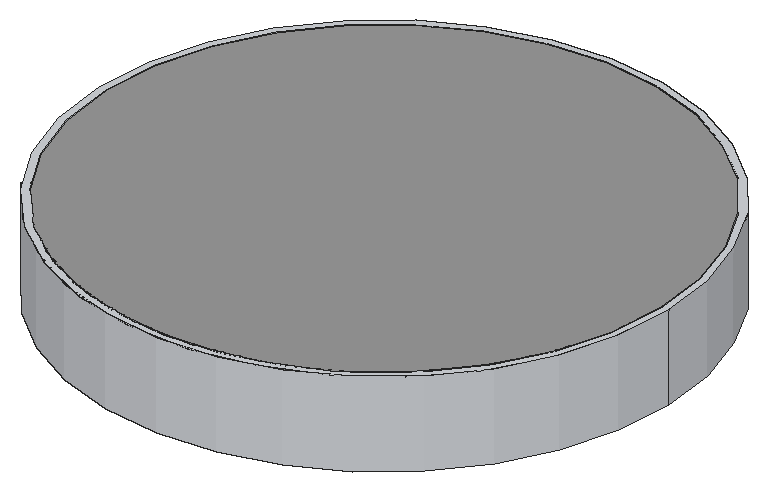
Revit family "2071119", category Lighting Fixtures, host Face, Revit 2018
Family settings
  Host = Face
  Round Connector Dimension = Use Diameter
  Part Type = Normal
  OmniClass Number = 23.80.70.00
  OmniClass Title = Lighting
  Cut with Voids When Loaded = No
  Light Source = Yes
  Shared = No
  Room Calculation Point = No
Parameters (values of type "2071119 COLOSSAL 400 840 PR DIR WHT DALI EM")
  iner diameter = 390 mm
  Weight = "n/a"
  Wattage Comments = ""
  Wattage = 30 W
  WarrantyStartDate [instance] = "n/a"
  WarrantyGuarantorParts = "n/a"
  WarrantyDurationUnit = "n/a"
  WarrantyDurationParts = ""
  WarrantyDescription = "http://www.sylvania-lighting.com"
  built-in parameter 1150110 = 1 (stored number, unit not read)
  Voltage = 230 V
  URL = "0.95"
  TypeName = "COLOSSAL 400mm 840 PRISM DIR WHITE DALI EM"
  Type Image = <None>
  Type Comments = "n/a"
  built-in parameter 1114217 = 1 (stored number, unit not read)
  Tilt Angle = -90.00°
  built-in parameter 1150109 = 1 (stored number, unit not read)
  built-in parameter 1150134 = (empty or 0)
  built-in parameter 1150113 = 1 (stored number, unit not read)
  SerialNumber [instance] = "n/a"
  Photometric Web File = "2071119.ies"
  Material_3_SYL = LED-Sylvania
  PowerFactor = 0
  PowerConsumption = "Lighting"
  NominalLength = 400 mm
  NominalHeight = 93 mm
  NominalDepth = 400 mm
  Name = "COLOSSAL 400mm 840 PRISM DIR WHITE DALI EM"
  ModelReference = Name  # "COLOSSAL 400mm 840 PRISM DIR WHITE DALI EM"
  ModelNumber = "2071119"
  Model = Name  # "COLOSSAL 400mm 840 PRISM DIR WHITE DALI EM"
  Material = "Feilo Sylvania"
  ManufacturerName = "121 lm/W"
  Manufacturer = ""
  LuminousEfficacy = ""
  built-in parameter 1150105 = 270.44 (stored number, unit not read)
  Lumens = 3398.4 lm
  LuminaireType = "0"
  built-in parameter 1150115 = 1 (stored number, unit not read)
  LightOutputRatio = "LED"
  built-in parameter 1150137 = (empty or 0)
  built-in parameter 1150139 = (empty or 0)
  LampsType = Lamp  # "n/a"
  LampNominalLuminous = "4000 K"
  LampMacAdamStep = "80"
  LampColourTemperature = "LED"
  LampColourRenderingIndex = "16500"
  built-in parameter 1150112 = 1 (stored number, unit not read)
  built-in parameter 1150114 = 1 (stored number, unit not read)
  Lamp = "n/a"
  Keynote = "n/a"
  InstallationDate [instance] = "n/a"
  InputVoltage = "0"
  InputNominalFrequency = "4000"
  built-in parameter 1150132 = (empty or 0)
  built-in parameter 1150102 = (empty or 0)
  built-in parameter 1150107 = 3000 (stored number, unit not read)
  built-in parameter 1150138 = (empty or 0)
  IngressProtection = "IfcLightFixtureType"
  ImpactProtectionIndex = "IfcLightFixtureType"
  built-in parameter 1150106 = 2.7044 (stored number, unit not read)
  IfcExportType = "IfcLightFixtureType"
  IfcExportAs = "Class I"
  Emit from Circle Diameter = 385 mm
  Emit Shape Visible in Rendering = no
  ElectricShockClassification = "121"
  built-in parameter 1150104 = 10.524 (stored number, unit not read)
  DocumentationLiterature = "http://www.sylvania-lighting.com/product/en-int/products/2071119"
  DimmingControlOptions = "n/a"
  Material_2_SYL = Polycarbonate_Sylvania_White
  Dimming Lamp Color Temperature Shift = <None>
  Description = "400mm diameter circular architectural luminaire, can be surface mounted or suspended. Powder coated aluminium housing (RAL9016) with PMMA prismatic diffuser. Direct light distribution, 1935lm luminuous flux, 16W system power, 121lm/W luminiaire efficacy. DALI dimmable. 3 hours integrated emergency. Colour rendering index Ra >80, 4000K Neutral White LED, chromaticity tolerance of 3-step MacAdam ellipse. IP40, IK03. 350mA drive current. UGR≤19. Electrical protection Class1, 220-240V. Reported lifetime 66k hours L90B10."
  Default Elevation = 1219.2 mm
  CreatedOn = "22/03/2022"
  CreatedBy = "@sylvania-lighting.com"
  Cost = 0
  Color Filter = 16777215
  built-in parameter 1114216 [instance] = (empty or 0)
  ClassificationValue = "EF_70_80"
  ClassificationName = "Uniclass2015"
  Material_1_SYL = Polycarbonate_Sylvania_Opal
  BarCode [instance] = "n/a"
  built-in parameter 1114218 = 1 (stored number, unit not read)
  built-in parameter 1150133 = 10 (stored number, unit not read)
  AssetType = "Fixed"
  AssetIdentifier [instance] = "n/a"
  Assembly Code = "D5020200"
  Apparent Load = 16 VA
  Material_4_SYL = none
Reference planes
  plane 1 "Center (Front/Back)": y = 0
  plane 2: z = 0
  plane 3 "Center (Left/Right)": x = 0
  plane 4: x = -200
  plane 5: x = 200
  plane 6: y = 200
  plane 7: y = -200
  plane 8: y = 236
  plane 9: y = -236
  plane 10: z = 93
  plane 11: y = 195
  plane 12: y = -195
  plane 13: y = 90.5
  plane 14: y = 144.5
  plane 15: through (52.25, 90.5, 1219.2) normal (0.866, 0.5, 0)
  plane 16: through (52.25, 90.5, 1219.2) normal (0.866, 0.5, 0)
  plane 17: through (63.706, 126.657, 1219.2) normal (0.866, 0.5, 0)
  plane 18: through (-104.5, 0, 1219.2) normal (-0.866, 0.5, 0)
  plane 19: through (-142.394, -9.633, 1219.2) normal (-0.866, 0.5, 0)
  plane 20: y = -90.5
  plane 21: y = -118.5
  plane 22: through (85.371, -141.133, 1219.2) normal (-0.866, 0.5, 0)
  plane 23: through (52.25, -90.5, 1219.2) normal (-0.866, 0.5, 0)
  plane 24: through (-161.658, 0, 1219.2) normal (0.866, 0.5, 0)
  plane 25: through (-172.12, 9.121, 1219.2) normal (0.866, 0.5, 0)
  plane 26: through (-104.5, 0, 1219.2) normal (0.866, 0.5, 0)
Forms (mm)
  Extrusion 1, solid, detail levels medium+fine
    sketch origin (0, 0, 0) x (1, 0, 0) y (0, 1, 0)
      loop
        circle (0, 0) r 200
    from 33.023 to 93
  Extrusion 2, void
    sketch origin (0, 0, 0) x (1, 0, 0) y (0, 1, 0)
      loop
        circle (0, 0) r 195
    from 93 to 37.292
  Extrusion 3, solid, material "Glass, White, High Luminance", detail levels fine
    sketch origin (0, 0, 0) x (1, 0, 0) y (0, 1, 0)
      loop
        circle (0, 0) r 195
    from 88.026 to 93
  Extrusion 4, solid, detail levels coarse
    sketch origin (0, 0, 0) x (1, 0, 0) y (0, 1, 0)
      loop
        line (-200, 200) -> (-200, -200) -> (200, -200) -> (200, 200) -> (-200, 200)
    from 0 to 93
  Blend 5, solid, detail levels medium+fine
    base sketch origin (0, 0, 0) x (1, 0, 0) y (0, 1, 0)
      loop
        line (-52.25, 90.5) -> (-104.5, 0) -> (-52.25, -90.5) -> (52.25, -90.5) -> (104.5, 0) -> (52.25, 90.5) -> (-52.25, 90.5)
    top sketch origin (0, 0, 0) x (1, 0, 0) y (0, 1, 0)
      loop
        line (-53.405, 144.5) -> (-149.245, -21.5) -> (-93.242, -118.5) -> (98.438, -118.5) -> (151.843, -26) -> (53.405, 144.5) -> (-53.405, 144.5)
    from 0 to 33.023
Cuts and joins
  Extrusion 2 cuts Extrusion 1
Dimensions and locks
  "NominalDepth": plane 6 to plane 7
  "NominalLength": plane 4 to plane 5
  equal spacing: plane 4, plane 3 "Center (Left/Right)", plane 5
  "iner diameter": plane 11 to plane 12
  equal spacing: plane 11, plane 1 "Center (Front/Back)", plane 12
  equal spacing: plane 6, plane 1 "Center (Front/Back)", plane 7
  "NominalHeight": plane 10 to level
  plane 19 to plane 18 = 28 mm
  radius of Extrusion 2 sketch curve = 195 mm
  aligned and locked: plane 2 to host face
  aligned and locked: level to host face
Automatic sketch dimensions
  host sketch curve to host sketch curve = 2438.4 mm  (x2)
  plane 1 "Center (Front/Back)" to Extrusion 1 sketch curve = 0 mm
  Extrusion 1 sketch curve to plane 3 "Center (Left/Right)" = 0 mm
  plane 1 "Center (Front/Back)" to Extrusion 2 sketch curve = 0 mm
  Extrusion 2 sketch curve to plane 3 "Center (Left/Right)" = 0 mm
  plane 1 "Center (Front/Back)" to Extrusion 3 sketch curve = 0 mm
  Extrusion 3 sketch curve to plane 3 "Center (Left/Right)" = 0 mm
  Extrusion 4 sketch curve to plane 4 = 0 mm
  Extrusion 4 sketch curve to plane 5 = 0 mm
  Extrusion 4 sketch curve to plane 7 = 0 mm
  Extrusion 4 sketch curve to plane 6 = 0 mm
  Blend 5 sketch curve to plane 19 = 0 mm  (x2)
  Blend 5 sketch curve to plane 24 = 0 mm  (x2)
  Blend 5 sketch curve to plane 21 = 0 mm
  Blend 5 sketch curve to plane 14 = 0 mm
  Blend 5 sketch curve to plane 17 = 0 mm  (x2)
  Blend 5 sketch curve to plane 22 = 0 mm  (x2)
  radius of Extrusion 1 sketch curve = 200 mm
  radius of Extrusion 3 sketch curve = 195 mm
Connectors
  electrical at (0, 0, 0), driven by "Apparent Load", driven by "PowerFactor", driven by "Voltage"
    settings: index 1, voltage 230 V, apparent load 16 VA, apparent load phase1 0 VA, apparent load phase2 0 VA, apparent load phase3 0 VA, power factor 0, load classification "Lighting", number of poles 1, system type 30, power factor state 1, is connector primary yes, connector utility no, sub classification motor no, connector description ""
